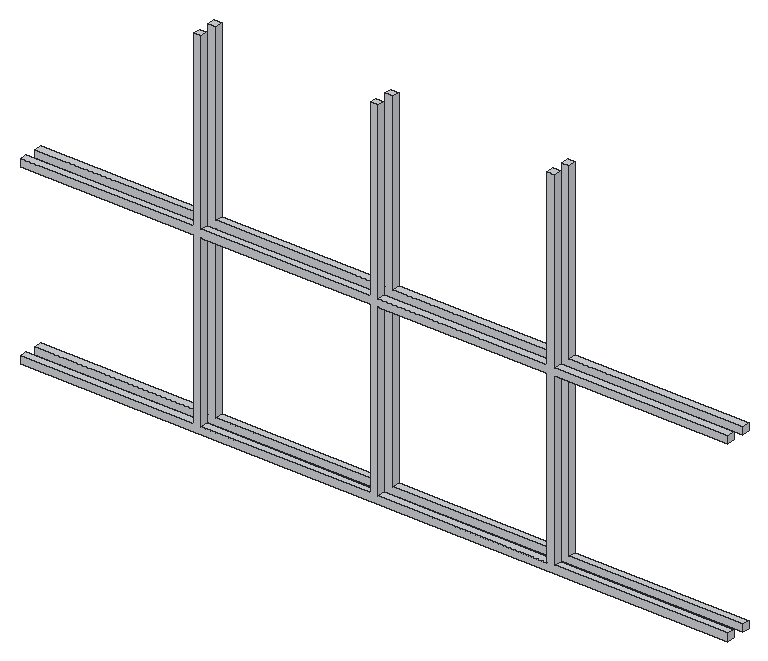
Revit family "42169c984c2042808d8149bc3c53de89", category Generic Models, Revit 2021
Family settings
  Can host rebar = No
  Round Connector Dimension = Use Diameter
  Part Type = Normal
  Work Plane-Based = No
  Always vertical = Yes
  Cut with Voids When Loaded = No
  Shared = Yes
  Room Calculation Point = No
Parameters
  Width [instance] = 4' - 0"
  Thickness = 0' - 0 1/2"
  Height [instance] = 4' - 0"
  Interior Material [instance] = none
  Exterior Material [instance] = none
  Distance = 0' - 0 3/4"
  Default Elevation = 0' - 0"
Reference planes (in)
  plane 1 "Center (Front/Back)": y = 0
  plane 2: z = 0
  plane 3 "Center (Left/Right)": x = 0
  plane 4: z = 48
  plane 5: x = -24
  plane 6: x = 24
  plane 7 "a": y = 0.375
  plane 8 "b": y = -0.375
  plane 9: z = 24
  plane 10: x = -12
  plane 11: x = -12.25
  plane 12: x = -11.75
  plane 13: x = 0
  plane 14: x = -0.25
  plane 15: x = 0.25
  plane 16: x = 12
  plane 17: x = 11.75
  plane 18: x = 12.25
  plane 19: z = 36
  plane 20: z = 36.25
  plane 21: z = 35.75
  plane 22: z = 24.25
  plane 23: z = 23.75
  plane 24: y = 0.875
  plane 25: y = -0.875
Forms (in)
  Extrusion 1, solid, material <- "Exterior Material", detail levels fine
    sketch origin (0, 0.375, 0) x (-1, 0, 0) y (0, 0, 1)
      loop
        line (24, 36.25) -> (12.25, 36.25) -> (12.25, 48) -> (11.75, 48) -> (11.75, 36.25) -> (0.25, 36.25) -> (0.25, 48) -> (-0.25, 48) -> (-0.25, 36.25) -> (-11.75, 36.25) -> (-11.75, 48) -> (-12.25, 48) -> (-12.25, 36.25) -> (-24, 36.25) -> (-24, 35.75) -> (-12.25, 35.75) -> (-12.25, 24.25) -> (-24, 24.25) -> (-24, 23.75) -> (24, 23.75) -> (24, 24.25) -> (12.25, 24.25) -> (12.25, 35.75) -> (24, 35.75) -> (24, 36.25)
      loop
        line (-0.25, 24.25) -> (-0.25, 35.75) -> (-11.75, 35.75) -> (-11.75, 24.25) -> (-0.25, 24.25)
      loop
        line (11.75, 24.25) -> (11.75, 35.75) -> (0.25, 35.75) -> (0.25, 24.25) -> (11.75, 24.25)
    from 0 to 0.5
  Extrusion 2, solid, material <- "Interior Material", detail levels fine
    sketch origin (0, -0.375, 0) x (-1, 0, 0) y (0, 0, 1)
      loop
        line (24, 36.25) -> (12.25, 36.25) -> (12.25, 48) -> (11.75, 48) -> (11.75, 36.25) -> (0.25, 36.25) -> (0.25, 48) -> (-0.25, 48) -> (-0.25, 36.25) -> (-11.75, 36.25) -> (-11.75, 48) -> (-12.25, 48) -> (-12.25, 36.25) -> (-24, 36.25) -> (-24, 35.75) -> (-12.25, 35.75) -> (-12.25, 24.25) -> (-24, 24.25) -> (-24, 23.75) -> (24, 23.75) -> (24, 24.25) -> (12.25, 24.25) -> (12.25, 35.75) -> (24, 35.75) -> (24, 36.25)
      loop
        line (-0.25, 24.25) -> (-0.25, 35.75) -> (-11.75, 35.75) -> (-11.75, 24.25) -> (-0.25, 24.25)
      loop
        line (11.75, 24.25) -> (11.75, 35.75) -> (0.25, 35.75) -> (0.25, 24.25) -> (11.75, 24.25)
    from 0 to -0.5
Lines and regions (in)
  model lines, detail levels medium
    curve 1: line (-24, -0.375, 24) -> (24, -0.375, 24)
    curve 6: line (-24, -0.375, 36) -> (24, -0.375, 36)
    curve 7: line (-24, 0.375, 24) -> (24, 0.375, 24)
    curve 8: line (12, -0.375, 48) -> (12, -0.375, 24)
    curve 9: line (0, -0.375, 48) -> (0, -0.375, 24)
    curve 10: line (-12, -0.375, 48) -> (-12, -0.375, 24)
  model lines, style "GenericModel", detail levels medium
    curve 2: line (-12, 0.375, 48) -> (-12, 0.375, 24)
    curve 3: line (0, 0.375, 48) -> (0, 0.375, 24)
    curve 4: line (12, 0.375, 48) -> (12, 0.375, 24)
    curve 5: line (-24, 0.375, 36) -> (24, 0.375, 36)
Dimensions and locks (in)
  equal spacing: plane 6, plane 3 "Center (Left/Right)", plane 5
  "Width": plane 6 to plane 5
  "Height": plane 4 to plane 2
  equal spacing: plane 7 "a", plane 1 "Center (Front/Back)", plane 8 "b"
  "Distance": plane 7 "a" to plane 8 "b"
  plane 12 to plane 10 to plane 11 = 0' - 0 1/4" locked, 0' - 0 1/4" locked
  locked: plane 14 to plane 13 at 0.25
  locked: plane 15 to plane 13 at 0.25
  locked: plane 18 to plane 16 at 0.25
  locked: plane 16 to plane 17 at 0.25
  equal spacing: plane 6, plane 16, plane 13, plane 10, plane 5
  equal spacing: plane 4, plane 19, plane 9
  locked: plane 20 to plane 19 at 0.25
  locked: plane 19 to plane 21 at 0.25
  plane 22 to plane 9 to plane 23 = 0' - 0 1/4" locked, 0' - 0 1/4" locked
  equal spacing: plane 4, plane 9, plane 2
  "Thickness": plane 24 to plane 7 "a"
  "Thickness": plane 8 "b" to plane 25
  aligned and locked: plane 2 to level
  aligned and locked: plane 5 to curve 1
  aligned and locked: plane 6 to curve 1
  aligned and locked: curve 1 to plane 9
  aligned and locked: curve 2 to plane 10
  aligned and locked: curve 3 to plane 13
  aligned and locked: curve 4 to plane 16
  aligned and locked: curve 5 to plane 19
  aligned and locked: plane 6 to curve 5
  aligned and locked: plane 5 to curve 5
  aligned and locked: Extrusion 1 sketch curve to plane 20
  aligned and locked: Extrusion 1 sketch curve to plane 21
  aligned and locked: Extrusion 1 sketch curve to plane 22
  aligned and locked: Extrusion 1 sketch curve to plane 23
  aligned and locked: Extrusion 1 sketch curve to plane 5
  aligned and locked: Extrusion 1 sketch curve to plane 11
  aligned and locked: Extrusion 1 sketch curve to plane 12
  aligned and locked: Extrusion 1 sketch curve to plane 14
  aligned and locked: Extrusion 1 sketch curve to plane 15
  aligned and locked: Extrusion 1 sketch curve to plane 17
  aligned and locked: Extrusion 1 sketch curve to plane 18
  aligned and locked: Extrusion 1 sketch curve to plane 6
  aligned and locked: Extrusion 1 sketch curve to plane 4
  aligned and locked: plane 7 "a" to Extrusion 1
  aligned and locked: Extrusion 1 to plane 24
  aligned and locked: Extrusion 2 to plane 25
  aligned and locked: curve 6 to plane 19
  aligned and locked: curve 8 to plane 16
  aligned and locked: curve 9 to plane 13
  aligned and locked: curve 10 to plane 10
  aligned and locked: plane 4 to curve 8
  aligned and locked: plane 4 to curve 9
  aligned and locked: plane 4 to curve 10
  aligned and locked: plane 6 to curve 7
  aligned and locked: plane 6 to curve 6
  aligned and locked: plane 5 to curve 6
  aligned and locked: plane 5 to curve 7
  aligned and locked: plane 9 to curve 8
Automatic sketch dimensions
  Extrusion 1 sketch curve to plane 6 = 0' - 0"
  Extrusion 1 sketch curve to plane 18 = 0' - 0"
  Extrusion 1 sketch curve to plane 17 = 0' - 0"
  Extrusion 1 sketch curve to plane 15 = 0' - 0"
  Extrusion 1 sketch curve to plane 14 = 0' - 0"
  Extrusion 1 sketch curve to plane 12 = 0' - 0"
  Extrusion 1 sketch curve to plane 11 = 0' - 0"
  Extrusion 1 sketch curve to plane 5 = 0' - 0"
  Extrusion 1 sketch curve to plane 22 = 0' - 0"  (x3)
  Extrusion 1 sketch curve to plane 21 = 0' - 0"  (x3)
  Extrusion 1 sketch curve to plane 20 = 0' - 0"  (x3)
  Extrusion 1 sketch curve to plane 4 = 0' - 0"  (x2)
  Extrusion 2 sketch curve to plane 6 = 0' - 0"  (x2)
  Extrusion 2 sketch curve to plane 18 = 0' - 0"  (x2)
  Extrusion 2 sketch curve to plane 4 = 0' - 0"  (x3)
  Extrusion 2 sketch curve to plane 17 = 0' - 0"  (x2)
  Extrusion 2 sketch curve to plane 15 = 0' - 0"  (x2)
  Extrusion 2 sketch curve to plane 14 = 0' - 0"  (x2)
  Extrusion 2 sketch curve to plane 12 = 0' - 0"  (x2)
  Extrusion 2 sketch curve to plane 11 = 0' - 0"  (x2)
  Extrusion 2 sketch curve to plane 5 = 0' - 0"  (x2)
  Extrusion 2 sketch curve to plane 23 = 0' - 0"
  Extrusion 2 sketch curve to plane 22 = 0' - 0"  (x4)
  Extrusion 2 sketch curve to plane 21 = 0' - 0"  (x4)
  Extrusion 2 sketch curve to plane 20 = 0' - 0"  (x4)
  curve 3 to plane 9 = 0' - 0"
  curve 4 to plane 4 = 0' - 0"
  curve 3 to plane 4 = 0' - 0"
  curve 2 to plane 4 = 0' - 0"
